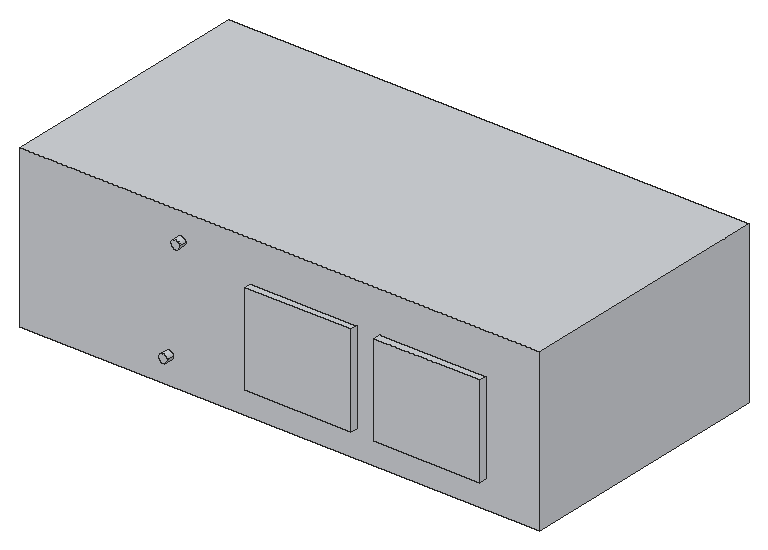
Revit family "M_WSHP - Horizontal - 28-35 kW - Retorno esquerdo - Descarga direita", category Equipamento mecânico, Revit 2019
Family settings
  Cota do conector redondo = Usar raio
  Tipo de parte = Normal
  Número OmniClass = 23.75.10.21.17
  Título OmniClass = Water-Source Heat Pumps
  ID de item do Seek = WSHP - Horizontal - 28-35 kW - Left Return - Right Discharge-0000-CAN-ENU
  Com base no plano de trabalho = Não
  Sempre na vertical = Sim
  Corte com vazios quando carregada = Não
  Compartilhado = Não
  Ponto de cálculo do ambiente = Não
Parameters (values of type "28 kW")
  Raio do fornecimento de água = 15 mm
  Diâmetro do fornecimento de água = Raio do fornecimento de água * 2  # 30 mm
  Raio do retorno da água = 15 mm
  Diâmetro do retorno da água = Raio do retorno da água * 2  # 30 mm
  Queda de pressão da água [instance] = 67568.6 Pa
  Fluxo da água [instance] = 1.51 L/s
  Voltagem = 460 V
  Largura do ar de fornecimento = 375 mm
  Altura do ar de fornecimento = 325 mm
  Largura do ar de retorno = 1600 mm
  Altura do ar de retorno = 450 mm
  Largura da bomba = 922 mm
  Material da bomba = none
  Comprimento da bomba = 1836.4 mm
  Altura da bomba = 548.7 mm
  Número de pólos = 3
  Classificação de carga = Refrigeração
  Fluxo da drenagem [instance] = 0.0 L/s
  Raio da condensação = 10 mm
  Diâmetro da condensação = Raio da condensação * 2  # 20 mm
  C6 Deslocamento 2 = 25.4 mm
  C6 Deslocamento 1 = 190.5 mm
  C5 Deslocamento 2 = 96.5 mm
  C5 Deslocamento 1 = 73.6 mm
  C7 Deslocamento 2 = 142.3 mm
  C7 Deslocamento 1 = 50.8 mm
  C2 Deslocamento 2 = 96.5 mm
  C2 Deslocamento 1 = 525.8 mm
  C1 Deslocamento 2 = 472.5 mm
  C1 Deslocamento 1 = 568.9 mm
  Assembly Code = ""
  Carga aparente = 8050 VA
  Pressão estática externa [instance] = 298.61 Pa
  Fluxo de ar 1 [instance] = Fluxo de ar / 2  # 755.115 L/s
  Fluxo de ar [instance] = 1510.23 L/s
Types (2, lengths in mm): name | Queda de pressão da água | Fluxo da água | C5 Deslocamento 2 | C2 Deslocamento 1 | C1 Deslocamento 2 | Carga aparente | Fluxo de ar 1 | Fluxo de ar
  35 kW | 88942.4 Pa | 1.89 L/s | 119.4 | 482.6 | 487.7 | 8326 VA | 943.895 L/s | 1887.79 L/s
  28 kW | 67568.6 Pa | 1.51 L/s | 96.5 | 525.8 | 472.5 | 8050 VA | 755.115 L/s | 1510.23 L/s
Reference planes
  plane 1 "Centro (Frente/Trás)": y = 0
  plane 2: z = 0
  plane 3 "Centro (Esquerda/Direita)": x = 0
  plane 4: x = 1836.4
  plane 5: y = 922
  plane 6: z = 19.05
  plane 7: z = 567.75
  plane 8: y = 765.8
  plane 9: y = 156.2
  plane 10: y = 461
  plane 11: y = 816.6
  plane 12: y = 105.4
  plane 13: x = 1645.9
  plane 14: x = 1270.9
  plane 15: z = 96.5
  plane 16: z = 421.5
  plane 17: y = -25.4
  plane 18: x = 568.9
  plane 19: z = 472.5
  plane 20: x = 525.8
  plane 21: z = 96.5
  plane 22: z = 45.72
  plane 23: y = 815.32
  plane 24: x = -25.4
  plane 25: z = 92.35
  plane 26: z = 542.35
  plane 27: x = 1673.6
  plane 28: x = 73.6
  plane 29: y = 947.4
  plane 30: z = 142.3
  plane 31: y = 50.8
  plane 32: x = 25.4
  plane 33: x = 1188.7
  plane 34: x = 813.7
Forms (mm)
  Extrusion 1, solid, material <- "Material da bomba"
    sketch origin (0, 0, 0) x (1, 0, 0) y (0, 1, 0)
      loop
        line (0, 0) -> (1836.4, 0) -> (1836.4, 922) -> (0, 922) -> (0, 0)
    from 0 to 567.75
  Extrusion 2, solid, material <- "Material da bomba"
    sketch origin (0, 0, 0) x (1, 0, 0) y (0, 0, 1)
      loop
        line (1270.9, 421.5) -> (1270.9, 96.5) -> (1645.9, 96.5) -> (1645.9, 421.5) -> (1270.9, 421.5)
    from 0 to 25.4
  Extrusion 3, solid, material <- "Material da bomba"
    sketch origin (0, 0, 0) x (1, 0, 0) y (0, 0, 1)
      loop
        circle (568.9, 472.5) r 15
    from 0 to 25.4
  Extrusion 4, solid, material <- "Material da bomba"
    sketch origin (0, 0, 0) x (1, 0, 0) y (0, 0, 1)
      loop
        circle (525.8, 96.5) r 15
    from 0 to 25.4
  Extrusion 5, solid, material <- "Material da bomba"
    sketch origin (0, 0, 0) x (0, 1, 0) y (0, 0, 1)
      loop
        circle (815.32, 45.72) r 10
    from 0 to -25.4
  Extrusion 6, solid, material <- "Material da bomba"
    sketch origin (0, 0, 0) x (1, 0, 0) y (0, 0, 1)
      loop
        line (1673.6, 542.35) -> (73.6, 542.35) -> (73.6, 92.35) -> (1673.6, 92.35) -> (1673.6, 542.35)
    from -922 to -947.4
  Extrusion 7, solid, material <- "Material da bomba"
    sketch origin (0, 0, 0) x (0, 1, 0) y (0, 0, 1)
      loop
        circle (50.8, 142.3) r 12.7
    from 0 to 25.4
  Extrusion 8, solid, material <- "Material da bomba"
    sketch origin (0, 0, 0) x (1, 0, 0) y (0, 0, 1)
      loop
        line (813.7, 421.5) -> (813.7, 96.5) -> (1188.7, 96.5) -> (1188.7, 421.5) -> (813.7, 421.5)
    from 0 to 25.4
Cuts and joins
  joined: Extrusion 1, Extrusion 2, Extrusion 3, Extrusion 4, Extrusion 5, Extrusion 6, Extrusion 7, Extrusion 8
Dimensions and locks
  "Comprimento da bomba": plane 3 "Centro (Esquerda/Direita)" to plane 4
  "Largura da bomba": plane 1 "Centro (Frente/Trás)" to plane 5
  plane 6 to plane 2 = 19.05 mm
  "Altura da bomba": plane 7 to plane 6
  equal spacing: plane 5, plane 10, plane 1 "Centro (Frente/Trás)"
  equal spacing: plane 8, plane 10, plane 9
  plane 8 to plane 9 = 609.6 mm
  locked: plane 11 to plane 8 at 50.8
  locked: plane 9 to plane 12 at 50.8
  "Largura do ar de fornecimento": plane 13 to plane 14
  "C5 Deslocamento 2": plane 15 to plane 2
  "Altura do ar de fornecimento": plane 16 to plane 15
  locked: plane 17 to plane 1 "Centro (Frente/Trás)" at 25.4
  "C2 Deslocamento 2": plane 21 to plane 2
  "C2 Deslocamento 1": plane 20 to plane 3 "Centro (Esquerda/Direita)"
  "C1 Deslocamento 2": plane 19 to plane 2
  "C1 Deslocamento 1": plane 18 to plane 3 "Centro (Esquerda/Direita)"
  locked: plane 22 to plane 2 at 45.72
  locked: plane 5 to plane 23 at 106.68
  locked: plane 24 to plane 3 "Centro (Esquerda/Direita)" at 25.4
  "Altura do ar de retorno": plane 25 to plane 26
  "C5 Deslocamento 1": plane 3 "Centro (Esquerda/Direita)" to plane 28
  "Largura do ar de retorno": plane 28 to plane 27
  locked: plane 29 to plane 5 at 25.4
  "C7 Deslocamento 2": plane 30 to plane 2
  "C7 Deslocamento 1": plane 31 to plane 1 "Centro (Frente/Trás)"
  locked: plane 3 "Centro (Esquerda/Direita)" to plane 32 at 25.4
  "C6 Deslocamento 1": plane 4 to plane 13
  "C6 Deslocamento 2": plane 7 to plane 26
  locked: plane 4 to plane 33 at 647.7
  "Largura do ar de fornecimento": plane 33 to plane 34
  "Raio do fornecimento de água": radius of Extrusion 3 sketch curve
  "Raio do retorno da água": radius of Extrusion 4 sketch curve
  "Raio da condensação": radius of Extrusion 5 sketch curve
  radius of Extrusion 7 sketch curve = 12.7 mm
  aligned and locked: plane 5 to Extrusion 1
  aligned and locked: plane 4 to Extrusion 1
  aligned and locked: plane 7 to Extrusion 1
  aligned and locked: Extrusion 1 to plane 3 "Centro (Esquerda/Direita)"
  aligned and locked: plane 1 "Centro (Frente/Trás)" to Extrusion 1
  aligned and locked: plane 16 to Extrusion 2
  aligned and locked: Extrusion 2 to plane 15
  aligned and locked: Extrusion 2 to plane 14
  aligned and locked: plane 13 to Extrusion 2
  aligned and locked: Extrusion 2 to plane 1 "Centro (Frente/Trás)"
  aligned and locked: Extrusion 2 to plane 17
  aligned and locked: plane 18 to Extrusion 3 sketch curve
  aligned and locked: Extrusion 3 sketch curve to plane 19
  aligned and locked: plane 20 to Extrusion 4 sketch curve
  aligned and locked: Extrusion 4 sketch curve to plane 21
  aligned and locked: Extrusion 3 to plane 17
  aligned and locked: Extrusion 4 to plane 17
  aligned and locked: plane 23 to Extrusion 5 sketch curve
  aligned and locked: plane 22 to Extrusion 5 sketch curve
  aligned and locked: Extrusion 5 to plane 3 "Centro (Esquerda/Direita)"
  aligned and locked: Extrusion 5 to plane 24
  aligned and locked: Extrusion 6 to plane 26
  aligned and locked: Extrusion 6 to plane 25
  aligned and locked: Extrusion 6 to plane 27
  aligned and locked: plane 28 to Extrusion 6
  aligned and locked: Extrusion 6 to plane 29
  aligned and locked: Extrusion 6 to plane 5
  aligned and locked: plane 30 to Extrusion 7 sketch curve
  aligned and locked: plane 31 to Extrusion 7 sketch curve
  aligned and locked: Extrusion 7 to plane 3 "Centro (Esquerda/Direita)"
  aligned and locked: plane 32 to Extrusion 7
  aligned and locked: Extrusion 1 to plane 2
  aligned and locked: plane 16 to Extrusion 8
  aligned and locked: Extrusion 8 to plane 15
  aligned and locked: plane 33 to Extrusion 8
  aligned and locked: Extrusion 8 to plane 34
  aligned and locked: Extrusion 8 to plane 1 "Centro (Frente/Trás)"
  aligned and locked: Extrusion 8 to plane 17
Automatic sketch dimensions
  Extrusion 1 sketch curve to plane 3 "Centro (Esquerda/Direita)" = 0 mm
  Extrusion 1 sketch curve to plane 4 = 0 mm
  Extrusion 1 sketch curve to plane 1 "Centro (Frente/Trás)" = 0 mm
  Extrusion 1 sketch curve to plane 5 = 0 mm
  Extrusion 2 sketch curve to plane 14 = 0 mm
  plane 13 to Extrusion 2 sketch curve = 0 mm
  plane 15 to Extrusion 2 sketch curve = 0 mm
  Extrusion 2 sketch curve to plane 16 = 0 mm
  plane 19 to Extrusion 6 sketch curve = 69.85 mm
  Extrusion 6 sketch curve to plane 18 = 495.3 mm
  plane 27 to Extrusion 6 sketch curve = 0 mm
  Extrusion 6 sketch curve to plane 15 = 4.15 mm
  Extrusion 8 sketch curve to plane 19 = 51 mm
  Extrusion 8 sketch curve to plane 34 = 0 mm
  plane 33 to Extrusion 8 sketch curve = 0 mm
  plane 15 to Extrusion 8 sketch curve = 0 mm
Connectors
  piping at (568.9, -25.4, 472.5), diameter 30, driven by "Raio do fornecimento de água", driven by "Fluxo da água"
    settings: on Extrusion 3, index 1, connector inside diameter 30 mm, connector length 0 mm, flow factor 0, pipe flow 1.51 L/s, pressure drop 0.0 Pa, fitting loss kfactor 0, connector angle 0.00°, fixture units 0, engagement length 0 mm, angle of deflection 0.00°, flow configuration 1, flow direction 1, fitting loss method 0, system type 7, joint type 0, gender type 0, connector reference index 2, connector utility 0, adjustable connector no, is connector primary yes, connector description "Entrada do fornecimento de água"
  piping at (525.8, -25.4, 96.5), diameter 30, driven by "Fluxo da água", driven by "Raio do retorno da água", driven by "Queda de pressão da água"
    settings: on Extrusion 4, index 2, connector inside diameter 30 mm, connector length 0 mm, flow factor 0, pipe flow 1.51 L/s, pressure drop 67568.6 Pa, fitting loss kfactor 0, connector angle 0.00°, fixture units 0, engagement length 0 mm, angle of deflection 0.00°, flow configuration 1, flow direction 2, fitting loss method 4, system type 8, joint type 0, gender type 0, connector reference index 1, connector utility 0, adjustable connector no, is connector primary no, connector description "Saída do retorno da água"
  piping at (-25.4, 815.32, 45.72), diameter 20, driven by "Raio da condensação", driven by "Fluxo da drenagem"
    settings: on Extrusion 5, index 3, connector inside diameter 20 mm, connector length 0 mm, flow factor 0, pipe flow 0.0 L/s, pressure drop 0.0 Pa, fitting loss kfactor 0, connector angle 0.00°, fixture units 0, engagement length 0 mm, angle of deflection 0.00°, flow configuration 1, flow direction 2, fitting loss method 0, system type 16, joint type 0, gender type 0, connector reference index -1, connector utility 0, adjustable connector yes, is connector primary no, connector description "Saída de condensação"
  hvac at (1458.4, -25.4, 259), driven by "Fluxo de ar 1", driven by "Altura do ar de fornecimento", driven by "Largura do ar de fornecimento"
    settings: on Extrusion 2, index 4, duct flow 755.115 L/s, flow factor 0, pres drop 0.0 Pa, loss coef 0, conn angle 0.00°, conn width 375 mm, conn height 325 mm, conn diameter 609.6 mm, duct sys type 1, conn prof type 1, flow config 0, flow direction 2, loss method 0, conn ref index -1, conn util no, is conn primary yes, conn desc ""
  hvac at (1001.2, -25.4, 259), driven by "Fluxo de ar 1", driven by "Altura do ar de fornecimento", driven by "Largura do ar de fornecimento"
    settings: on Extrusion 8, index 5, duct flow 755.115 L/s, flow factor 0, pres drop 0.0 Pa, loss coef 0, conn angle 0.00°, conn width 375 mm, conn height 325 mm, conn diameter 609.6 mm, duct sys type 1, conn prof type 1, flow config 0, flow direction 2, loss method 0, conn ref index -1, conn util no, is conn primary no, conn desc ""
  hvac at (873.6, 947.4, 317.35), driven by "Fluxo de ar", driven by "Altura do ar de retorno", driven by "Largura do ar de retorno"
    settings: on Extrusion 6, index 6, duct flow 1510.23 L/s, flow factor 0, pres drop 0.0 Pa, loss coef 0, conn angle 0.00°, conn width 1600 mm, conn height 450 mm, conn diameter 609.6 mm, duct sys type 2, conn prof type 1, flow config 0, flow direction 1, loss method 0, conn ref index -1, conn util no, is conn primary no, conn desc ""
  electrical at (0, 50.8, 142.3), driven by "Carga aparente", driven by "Voltagem", driven by "Número de pólos", driven by "Classificação de carga"
    settings: on Extrusion 7, index 7, voltage 460 V, apparent load 8050 VA, apparent load phase1 0 VA, apparent load phase2 0 VA, apparent load phase3 0 VA, power factor 0.8, load classification "Refrigeração", number of poles 3, system type 30, power factor state 1, is connector primary yes, connector utility no, sub classification motor no, connector description ""
